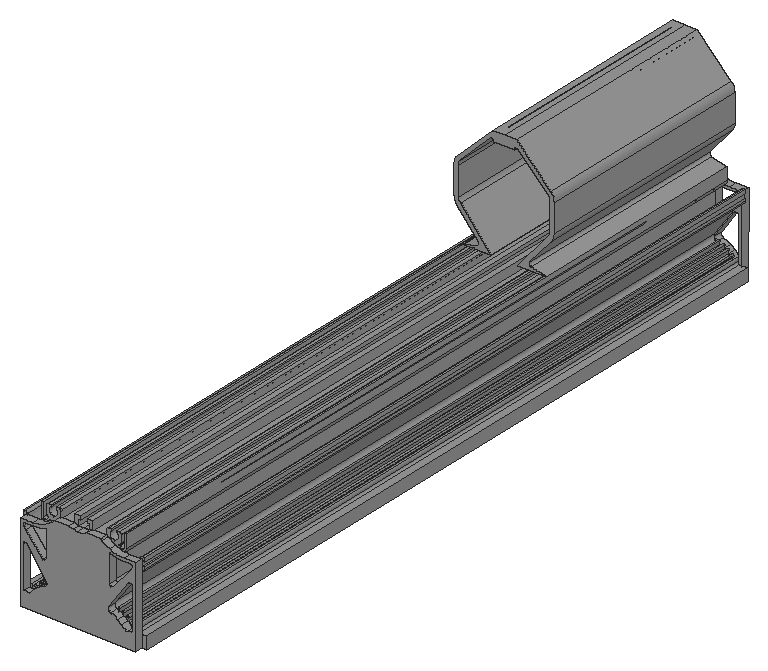
Revit family "L-street 24 Standart", category Осветительные приборы, Revit 2017 (continued)
Types (7, lengths in mm): name | built-in parameter 1150134 | Файл фотометрической сетки | built-in parameter 1150105 | Lumens | built-in parameter 1150106 | built-in parameter 1150142 | Wattage | built-in parameter 1150107 | Артикул
    0 0.00 0.00 0.00 0.00 0.00 0.00 0.00 0.00 0.00\r\n1229.747 1251.909 1290.575 1328.381 1364.756 1399.412 1433.208 1466.146 1497.365 1527.438 1559.23 1595.605 1630.26 1660.62 1682.101\r\n 1689.261 1677.518 1660.62 1643.721 1595.891 1491.35 1310.624 993.565 587.719 326.224 239.441 215.669 189.892 150.08 117.429 94.517\r\n 75.04 56.71 41.816 31.506 26.923 25.777 0.00 0.00 0.00 0.00 0.00 0.00 0.00 0.00 0.00 0.00 0.00 0.00 0.00 0.00 0.00 0.00 0.00 0.00 \r\n0.00 0.00 0.00 0.00 0.00 0.00 0.00 0.00 0.00 0.00 0.00 0.00 0.00 0.00 0.00 0.00 0.00 0.00\r\n1229.747 1252.195 1292.293 1331.818 1367.906 1402.848 1436.645 1468.723 1499.656 1530.016 1562.667 1598.755 1631.978 1659.474 \r\n1675.513 1678.95 1662.338 1644.581 1619.376 1549.492 1414.878 1193.196 833.461 458.261 270.373 218.819 198.77 171.275 134.614 \r\n107.691 89.361 75.613 58.428 42.389 30.933 25.777 24.631 0.00 0.00 0.00 0.00 0.00 0.00 0.00 0.00 0.00 0.00 0.00 0.00 0.00 0.00 0.00\r\n 0.00 0.00 0.00 0.00 0.00 0.00 0.00 0.00 0.00 0.00 0.00 0.00 0.00 0.00 0.00 0.00 0.00 0.00 0.00 0.00 0.00\r\n1229.747 1254.487 1295.444 1335.542 1372.203 1406.858 1440.082 1471.301 1501.947 1533.167 1566.677 1602.192 1633.983 1658.329 \r\n1670.644 1670.072 1653.173 1632.265 1589.017 1495.933 1336.688 1084.072 718.609 390.953 249.465 211.086 189.605 159.532 126.595 \r\n103.395 87.356 74.754 58.428 42.676 31.219 25.491 24.631 0.00 0.00 0.00 0.00 0.00 0.00 0.00 0.00 0.00 0.00 0.00 0.00 0.00 0.00 0.00\r\n 0.00 0.00 0.00 0.00 0.00 0.00 0.00 0.00 0.00 0.00 0.00 0.00 0.00 0.00 0.00 0.00 0.00 0.00 0.00 0.00 0.00\r\n1229.747 1256.778 1298.594 1339.265 1376.499 1410.868 1443.519 1473.879 1504.238 1536.317 1570.686 1605.629 1635.988 1657.183 \r\n1665.775 1661.193 1644.008 1619.949 1558.657 1442.373 1258.497 974.949 603.759 323.646 228.557 203.353 180.44 147.789 118.575 \r\n99.099 85.351 73.894 58.428 42.962 31.505 25.204 24.631 0.00 0.00 0.00 0.00 0.00 0.00 0.00 0.00 0.00 0.00 0.00 0.00 0.00 0.00 0.00 \r\n0.00 0.00 0.00 0.00 0.00 0.00 0.00 0.00 0.00 0.00 0.00 0.00 0.00 0.00 0.00 0.00 0.00 0.00 0.00 0.00 0.00\r\n1229.747 1251.05 1293.725 1336.115 1375.353 1410.868 1444.092 1475.025 1505.098 1537.176 1572.691 1607.347 1636.561 1656.324 \r\n1663.484 1657.756 1641.717 1615.653 1546.055 1420.033 1224.70 934.851 579.127 319.064 225.12 198.198 177.003 147.503 121.153 \r\n101.963 88.215 76.472 61.579 47.258 36.088 28.641 27.496 0.00 0.00 0.00 0.00 0.00 0.00 0.00 0.00 0.00 0.00 0.00 0.00 0.00 0.00 0.00\r\n 0.00 0.00 0.00 0.00 0.00 0.00 0.00 0.00 0.00 0.00 0.00 0.00 0.00 0.00 0.00 0.00 0.00 0.00 0.00 0.00 0.00\r\n1229.747 1245.322 1288.856 1332.964 1374.207 1410.868 1444.665 1476.17 1505.957 1538.035 1574.696 1609.065 1637.134 1655.464 \r\n1661.193 1654.319 1639.425 1611.357 1533.453 1397.693 1190.903 894.753 554.495 314.481 221.683 193.042 173.566 147.216 123.73 \r\n104.827 91.079 79.05 64.729 51.554 40.671 32.078 30.36 0.00 0.00 0.00 0.00 0.00 0.00 0.00 0.00 0.00 0.00 0.00 0.00 0.00 0.00 0.00 \r\n0.00 0.00 0.00 0.00 0.00 0.00 0.00 0.00 0.00 0.00 0.00 0.00 0.00 0.00 0.00 0.00 0.00 0.00 0.00 0.00 0.00\r\n1229.747 1246.754 1290.861 1335.542 1376.785 1413.446 1447.529 1479.034 1509.394 1543.477 1580.424 1614.794 1639.425 1652.60 \r\n1655.465 1648.304 1628.542 1567.536 1451.253 1277.40 1031.944 729.493 434.488 275.243 218.246 190.178 166.12 139.77 118.575 102.25 \r\n89.361 76.472 62.724 50.695 40.957 33.51 30.933 0.00 0.00 0.00 0.00 0.00 0.00 0.00 0.00 0.00 0.00 0.00 0.00 0.00 0.00 0.00 0.00 \r\n0.00 0.00 0.00 0.00 0.00 0.00 0.00 0.00 0.00 0.00 0.00 0.00 0.00 0.00 0.00 0.00 0.00 0.00 0.00 0.00\r\n1229.747 1248.186 1292.866 1338.119 1379.363 1416.023 1450.393 1481.898 1512.831 1548.919 1586.152 1620.522 1641.716 1649.736 \r\n1649.736 1642.289 1617.658 1523.715 1369.052 1157.107 872.985 564.233 314.481 236.004 214.809 187.314 158.673 132.323 113.419 \r\n99.672 87.642 73.894 60.719 49.836 41.243 34.942 31.505 0.00 0.00 0.00 0.00 0.00 0.00 0.00 0.00 0.00 0.00 0.00 0.00 0.00 0.00 0.00 \r\n0.00 0.00 0.00 0.00 0.00 0.00 0.00 0.00 0.00 0.00 0.00 0.00 0.00 0.00 0.00 0.00 0.00 0.00 0.00 0.00 0.00\r\n1229.747 1246.754 1292.58 1338.119 1380.222 1417.169 1451.539 1482.471 1513.69 1548.346 1584.148 1616.226 1636.275 1643.722 \r\n1645.154 1640.571 1621.382 1545.482 1408.577 1206.943 925.972 611.205 346.273 241.16 211.945 186.741 159.246 132.609 112.847 98.526\r\n 84.778 70.744 56.996 45.826 37.52 30.933 28.355 0.00 0.00 0.00 0.00 0.00 0.00 0.00 0.00 0.00 0.00 0.00 0.00 0.00 0.00 0.00 0.00 \r\n0.00 0.00 0.00 0.00 0.00 0.00 0.00 0.00 0.00 0.00 0.00 0.00 0.00 0.00 0.00 0.00 0.00 0.00 0.00 0.00\r\n1229.747 1245.322 1292.293 1338.119 1381.081 1418.315 1452.684 1483.044 1514.549 1547.773 1582.143 1611.93 1630.833 1637.707 \r\n1640.571 1638.852 1625.105 1567.249 1448.102 1256.778 978.958 658.176 378.065 246.315 209.081 186.168 159.818 132.895 112.274 97.38\r\n 81.914 67.593 53.273 41.816 33.797 26.923 25.204 0.00 0.00 0.00 0.00 0.00 0.00 0.00 0.00 0.00 0.00 0.00 0.00 0.00 0.00 0.00 0.00 \r\n0.00 0.00 0.00 0.00 0.00 0.00 0.00 0.00 0.00 0.00 0.00 0.00 0.00 0.00 0.00 0.00 0.00 0.00 0.00 0.00\r\n1229.747 1246.754 1294.298 1340.697 1383.945 1421.466 1455.835 1487.054 1518.559 1552.07 1585.866 1612.789 1628.828 1634.557 \r\n1638.28 1640.571 1627.683 1567.249 1444.379 1247.04 962.633 644.715 372.623 247.747 211.945 189.605 162.969 136.619 116.57 100.817 \r\n85.351 70.744 56.424 44.394 36.088 29.501 27.496 0.00 0.00 0.00 0.00 0.00 0.00 0.00 0.00 0.00 0.00 0.00 0.00 0.00 0.00 0.00 0.00 \r\n0.00 0.00 0.00 0.00 0.00 0.00 0.00 0.00 0.00 0.00 0.00 0.00 0.00 0.00 0.00 0.00 0.00 0.00 0.00 0.00\r\n1229.747 1248.186 1296.303 1343.275 1386.809 1424.616 1458.985 1491.064 1522.569 1556.366 1589.589 1613.648 1626.823 1631.406 \r\n1635.988 1642.289 1630.26 1567.249 1440.655 1237.302 946.307 631.253 367.181 249.179 214.809 193.042 166.119 140.342 120.866 \r\n104.254 88.788 73.894 59.574 46.972 38.379 32.078 29.787 0.00 0.00 0.00 0.00 0.00 0.00 0.00 0.00 0.00 0.00 0.00 0.00 0.00 0.00 0.00\r\n 0.00 0.00 0.00 0.00 0.00 0.00 0.00 0.00 0.00 0.00 0.00 0.00 0.00 0.00 0.00 0.00 0.00 0.00 0.00 0.00 0.00\r\n1229.747 1255.06 1304.036 1350.722 1393.683 1430.344 1463.854 1495.647 1526.579 1560.089 1593.026 1616.512 1628.828 1633.411 \r\n1638.566 1646.013 1631.406 1563.526 1428.339 1214.103 913.37 597.457 345.987 244.31 215.096 191.037 162.11 136.333 118.002 102.822 \r\n86.783 71.603 56.996 44.394 35.802 30.646 28.355 0.00 0.00 0.00 0.00 0.00 0.00 0.00 0.00 0.00 0.00 0.00 0.00 0.00 0.00 0.00 0.00 \r\n0.00 0.00 0.00 0.00 0.00 0.00 0.00 0.00 0.00 0.00 0.00 0.00 0.00 0.00 0.00 0.00 0.00 0.00 0.00 0.00\r\n1229.747 1261.934 1311.769 1358.168 1400.557 1436.072 1468.723 1500.229 1530.588 1563.812 1596.463 1619.376 1630.833 1635.415 \r\n1641.144 1649.736 1632.551 1559.803 1416.023 1190.903 880.432 563.66 324.792 239.441 215.382 189.032 158.10 132.323 115.138 101.39 \r\n84.778 69.312 54.418 41.816 33.224 29.214 26.923 0.00 0.00 0.00 0.00 0.00 0.00 0.00 0.00 0.00 0.00 0.00 0.00 0.00 0.00 0.00 0.00 \r\n0.00 0.00 0.00 0.00 0.00 0.00 0.00 0.00 0.00 0.00 0.00 0.00 0.00 0.00 0.00 0.00 0.00 0.00 0.00 0.00\r\n1229.747 1255.06 1304.036 1350.722 1393.683 1430.344 1463.854 1495.647 1526.579 1560.089 1593.026 1616.512 1628.828 1633.411 \r\n1638.566 1646.013 1631.406 1563.526 1428.339 1214.103 913.37 597.457 345.987 244.31 215.096 191.037 162.11 136.333 118.002 102.822 \r\n86.783 71.603 56.996 44.394 35.802 30.646 28.355 0.00 0.00 0.00 0.00 0.00 0.00 0.00 0.00 0.00 0.00 0.00 0.00 0.00 0.00 0.00 0.00 \r\n0.00 0.00 0.00 0.00 0.00 0.00 0.00 0.00 0.00 0.00 0.00 0.00 0.00 0.00 0.00 0.00 0.00 0.00 0.00 0.00\r\n1229.747 1248.186 1296.303 1343.275 1386.809 1424.616 1458.985 1491.064 1522.569 1556.366 1589.589 1613.648 1626.823 1631.406 \r\n1635.988 1642.289 1630.26 1567.249 1440.655 1237.302 946.307 631.253 367.181 249.179 214.809 193.042 166.119 140.342 120.866 \r\n104.254 88.788 73.894 59.574 46.972 38.379 32.078 29.787 0.00 0.00 0.00 0.00 0.00 0.00 0.00 0.00 0.00 0.00 0.00 0.00 0.00 0.00 0.00\r\n 0.00 0.00 0.00 0.00 0.00 0.00 0.00 0.00 0.00 0.00 0.00 0.00 0.00 0.00 0.00 0.00 0.00 0.00 0.00 0.00 0.00\r\n1229.747 1246.754 1294.298 1340.697 1383.945 1421.466 1455.835 1487.054 1518.559 1552.07 1585.866 1612.789 1628.828 1634.557 \r\n1638.28 1640.571 1627.683 1567.249 1444.379 1247.04 962.633 644.715 372.623 247.747 211.945 189.605 162.969 136.619 116.57 100.817 \r\n85.351 70.744 56.424 44.394 36.088 29.501 27.496 0.00 0.00 0.00 0.00 0.00 0.00 0.00 0.00 0.00 0.00 0.00 0.00 0.00 0.00 0.00 0.00 \r\n0.00 0.00 0.00 0.00 0.00 0.00 0.00 0.00 0.00 0.00 0.00 0.00 0.00 0.00 0.00 0.00 0.00 0.00 0.00 0.00\r\n1229.747 1245.322 1292.293 1338.119 1381.081 1418.315 1452.684 1483.044 1514.549 1547.773 1582.143 1611.93 1630.833 1637.707 \r\n1640.571 1638.852 1625.105 1567.249 1448.102 1256.778 978.958 658.176 378.065 246.315 209.081 186.168 159.818 132.895 112.274 97.38\r\n 81.914 67.593 53.273 41.816 33.797 26.923 25.204 0.00 0.00 0.00 0.00 0.00 0.00 0.00 0.00 0.00 0.00 0.00 0.00 0.00 0.00 0.00 0.00 \r\n0.00 0.00 0.00 0.00 0.00 0.00 0.00 0.00 0.00 0.00 0.00 0.00 0.00 0.00 0.00 0.00 0.00 0.00 0.00 0.00\r\n1229.747 1246.754 1292.58 1338.119 1380.222 1417.169 1451.539 1482.471 1513.69 1548.346 1584.148 1616.226 1636.275 1643.722 \r\n1645.154 1640.571 1621.382 1545.482 1408.577 1206.943 925.972 611.205 346.273 241.16 211.945 186.741 159.246 132.609 112.847 98.526\r\n 84.778 70.744 56.996 45.826 37.52 30.933 28.355 0.00 0.00 0.00 0.00 0.00 0.00 0.00 0.00 0.00 0.00 0.00 0.00 0.00 0.00 0.00 0.00 \r\n0.00 0.00 0.00 0.00 0.00 0.00 0.00 0.00 0.00 0.00 0.00 0.00 0.00 0.00 0.00 0.00 0.00 0.00 0.00 0.00\r\n1229.747 1248.186 1292.866 1338.119 1379.363 1416.023 1450.393 1481.898 1512.831 1548.919 1586.152 1620.522 1641.716 1649.736 \r\n1649.736 1642.289 1617.658 1523.715 1369.052 1157.107 872.985 564.233 314.481 236.004 214.809 187.314 158.673 132.323 113.419 \r\n99.672 87.642 73.894 60.719 49.836 41.243 34.942 31.505 0.00 0.00 0.00 0.00 0.00 0.00 0.00 0.00 0.00 0.00 0.00 0.00 0.00 0.00 0.00 \r\n0.00 0.00 0.00 0.00 0.00 0.00 0.00 0.00 0.00 0.00 0.00 0.00 0.00 0.00 0.00 0.00 0.00 0.00 0.00 0.00 0.00\r\n1229.747 1246.754 1290.861 1335.542 1376.785 1413.446 1447.529 1479.034 1509.394 1543.477 1580.424 1614.794 1639.425 1652.60 \r\n1655.465 1648.304 1628.542 1567.536 1451.253 1277.40 1031.944 729.493 434.488 275.243 218.246 190.178 166.12 139.77 118.575 102.25 \r\n89.361 76.472 62.724 50.695 40.957 33.51 30.933 0.00 0.00 0.00 0.00 0.00 0.00 0.00 0.00 0.00 0.00 0.00 0.00 0.00 0.00 0.00 0.00 \r\n0.00 0.00 0.00 0.00 0.00 0.00 0.00 0.00 0.00 0.00 0.00 0.00 0.00 0.00 0.00 0.00 0.00 0.00 0.00 0.00\r\n1229.747 1245.322 1288.856 1332.964 1374.207 1410.868 1444.665 1476.17 1505.957 1538.035 1574.696 1609.065 1637.134 1655.464 \r\n1661.193 1654.319 1639.425 1611.357 1533.453 1397.693 1190.903 894.753 554.495 314.481 221.683 193.042 173.566 147.216 123.73 \r\n104.827 91.079 79.05 64.729 51.554 40.671 32.078 30.36 0.00 0.00 0.00 0.00 0.00 0.00 0.00 0.00 0.00 0.00 0.00 0.00 0.00 0.00 0.00 \r\n0.00 0.00 0.00 0.00 0.00 0.00 0.00 0.00 0.00 0.00 0.00 0.00 0.00 0.00 0.00 0.00 0.00 0.00 0.00 0.00 0.00\r\n1229.747 1251.05 1293.725 1336.115 1375.353 1410.868 1444.092 1475.025 1505.098 1537.176 1572.691 1607.347 1636.561 1656.324 \r\n1663.484 1657.756 1641.717 1615.653 1546.055 1420.033 1224.70 934.851 579.127 319.064 225.12 198.198 177.003 147.503 121.153 \r\n101.963 88.215 76.472 61.579 47.258 36.088 28.641 27.496 0.00 0.00 0.00 0.00 0.00 0.00 0.00 0.00 0.00 0.00 0.00 0.00 0.00 0.00 0.00\r\n 0.00 0.00 0.00 0.00 0.00 0.00 0.00 0.00 0.00 0.00 0.00 0.00 0.00 0.00 0.00 0.00 0.00 0.00 0.00 0.00 0.00\r\n1229.747 1256.778 1298.594 1339.265 1376.499 1410.868 1443.519 1473.879 1504.238 1536.317 1570.686 1605.629 1635.988 1657.183 \r\n1665.775 1661.193 1644.008 1619.949 1558.657 1442.373 1258.497 974.948 603.758 323.646 228.557 203.353 180.44 147.789 118.575 \r\n99.099 85.351 73.894 58.428 42.962 31.505 25.204 24.631 0.00 0.00 0.00 0.00 0.00 0.00 0.00 0.00 0.00 0.00 0.00 0.00 0.00 0.00 0.00 \r\n0.00 0.00 0.00 0.00 0.00 0.00 0.00 0.00 0.00 0.00 0.00 0.00 0.00 0.00 0.00 0.00 0.00 0.00 0.00 0.00 0.00\r\n1229.747 1254.487 1295.444 1335.542 1372.203 1406.858 1440.082 1471.301 1501.947 1533.167 1566.677 1602.192 1633.983 1658.329 \r\n1670.644 1670.072 1653.173 1632.265 1589.017 1495.933 1336.688 1084.072 718.609 390.953 249.465 211.086 189.605 159.532 126.595 \r\n103.395 87.356 74.754 58.428 42.676 31.219 25.491 24.631 0.00 0.00 0.00 0.00 0.00 0.00 0.00 0.00 0.00 0.00 0.00 0.00 0.00 0.00 0.00\r\n 0.00 0.00 0.00 0.00 0.00 0.00 0.00 0.00 0.00 0.00 0.00 0.00 0.00 0.00 0.00 0.00 0.00 0.00 0.00 0.00 0.00\r\n1229.747 1252.195 1292.293 1331.818 1367.906 1402.848 1436.645 1468.723 1499.656 1530.016 1562.667 1598.755 1631.978 1659.474 \r\n1675.513 1678.95 1662.338 1644.581 1619.376 1549.492 1414.878 1193.195 833.46 458.26 270.373 218.819 198.77 171.275 134.614 107.691\r\n 89.361 75.613 58.428 42.389 30.933 25.777 24.631 0.00 0.00 0.00 0.00 0.00 0.00 0.00 0.00 0.00 0.00 0.00 0.00 0.00 0.00 0.00 0.00 \r\n0.00 0.00 0.00 0.00 0.00 0.00 0.00 0.00 0.00 0.00 0.00 0.00 0.00 0.00 0.00 0.00 0.00 0.00 0.00 0.00\r\n1229.747 1251.909 1290.575 1328.381 1364.756 1399.412 1433.208 1466.146 1497.365 1527.438 1559.23 1595.605 1630.26 1660.62 1682.101\r\n 1689.261 1677.518 1660.62 1643.721 1595.891 1491.35 1310.624 993.565 587.719 326.224 239.441 215.669 189.892 150.08 117.429 94.517\r\n 75.04 56.71 41.816 31.506 26.923 25.777 0.00 0.00 0.00 0.00 0.00 0.00 0.00 0.00 0.00 0.00 0.00 0.00 0.00 0.00 0.00 0.00 0.00 0.00 \r\n0.00 0.00 0.00 0.00 0.00 0.00 0.00 0.00 0.00 0.00 0.00 0.00 0.00 0.00 0.00 0.00 0.00 0.00\r\n1229.747 1251.623 1288.856 1324.944 1361.605 1395.975 1429.771 1463.568 1495.073 1524.86 1555.793 1592.454 1628.542 1661.765 \r\n1688.688 1699.572 1692.698 1676.659 1668.066 1642.289 1567.822 1428.053 1153.67 717.177 382.074 260.063 232.567 208.508 165.546 \r\n127.167 99.672 74.467 54.991 41.243 32.078 28.068 26.923 0.00 0.00 0.00 0.00 0.00 0.00 0.00 0.00 0.00 0.00 0.00 0.00 0.00 0.00 0.00\r\n 0.00 0.00 0.00 0.00 0.00 0.00 0.00 0.00 0.00 0.00 0.00 0.00 0.00 0.00 0.00 0.00 0.00 0.00 0.00 0.00 0.00\r\n1229.747 1253.628 1289.429 1324.658 1360.746 1394.829 1429.485 1463.568 1494.501 1523.428 1553.788 1588.731 1625.105 1659.474 \r\n1689.548 1707.878 1710.169 1696.994 1686.11 1671.217 1626.537 1528.298 1323.226 933.705 519.266 313.049 257.199 229.703 184.163 \r\n140.056 101.963 71.603 52.414 40.098 32.651 28.928 26.923 0.00 0.00 0.00 0.00 0.00 0.00 0.00 0.00 0.00 0.00 0.00 0.00 0.00 0.00 \r\n0.00 0.00 0.00 0.00 0.00 0.00 0.00 0.00 0.00 0.00 0.00 0.00 0.00 0.00 0.00 0.00 0.00 0.00 0.00 0.00 0.00 0.00\r\n1229.747 1255.632 1290.002 1324.371 1359.887 1393.683 1429.198 1463.568 1493.928 1521.996 1551.783 1585.007 1621.668 1657.183 \r\n1690.407 1716.184 1727.64 1717.329 1704.154 1700.145 1685.251 1628.542 1492.781 1150.232 656.457 366.035 281.83 250.897 202.78 \r\n152.944 104.254 68.739 49.836 38.952 33.224 29.787 26.923 0.00 0.00 0.00 0.00 0.00 0.00 0.00 0.00 0.00 0.00 0.00 0.00 0.00 0.00 \r\n0.00 0.00 0.00 0.00 0.00 0.00 0.00 0.00 0.00 0.00 0.00 0.00 0.00 0.00 0.00 0.00 0.00 0.00 0.00 0.00 0.00 0.00\r\n1229.747 1256.778 1289.429 1322.367 1356.737 1390.246 1425.475 1459.272 1490.491 1518.559 1547.487 1579.565 1614.794 1651.168 \r\n1685.538 1718.475 1740.243 1739.097 1724.776 1719.621 1717.902 1693.271 1613.935 1381.654 921.389 512.392 344.268 284.408 228.844 \r\n168.697 107.978 67.307 48.977 39.525 34.083 30.646 27.21 0.00 0.00 0.00 0.00 0.00 0.00 0.00 0.00 0.00 0.00 0.00 0.00 0.00 0.00 0.00\r\n 0.00 0.00 0.00 0.00 0.00 0.00 0.00 0.00 0.00 0.00 0.00 0.00 0.00 0.00 0.00 0.00 0.00 0.00 0.00 0.00 0.00\r\n1229.747 1257.924 1288.856 1320.362 1353.586 1386.809 1421.752 1454.976 1487.054 1515.122 1543.191 1574.123 1607.92 1645.153 \r\n1680.669 1720.766 1752.845 1760.864 1745.398 1739.097 1750.553 1758.00 1735.087 1613.074 1186.32 658.749 406.706 317.918 254.907 \r\n184.45 111.701 65.875 48.117 40.098 34.942 31.505 27.496 0.00 0.00 0.00 0.00 0.00 0.00 0.00 0.00 0.00 0.00 0.00 0.00 0.00 0.00 0.00\r\n 0.00 0.00 0.00 0.00 0.00 0.00 0.00 0.00 0.00 0.00 0.00 0.00 0.00 0.00 0.00 0.00 0.00 0.00 0.00 0.00 0.00\r\n1229.747 1257.638 1287.138 1317.784 1350.435 1383.945 1418.602 1451.825 1483.044 1511.399 1539.754 1569.541 1600.473 1634.556 \r\n1668.926 17
